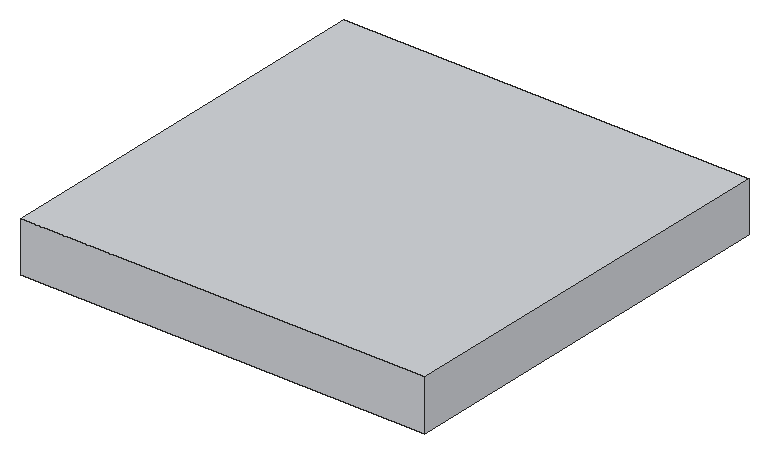
Revit family "00-8317-60-60", category Luminarias, Revit 2019
Family settings
  Anfitrión = Cara
  Cota de conector redondo = Diámetro de uso
  Tipo de pieza = Normal
  Número OmniClass = 23.80.70.00
  Título OmniClass = Lighting
  Corte con vacíos al cargar = No
  Origen de luz = No
  Compartido = Sí
  Punto de cálculo de habitación = No
Parameters (values of type "00-8317-60-60")
  Versión = "v1"
  Vatios (W) = 16.8
  Tipo de regulación = "0-10V / 1-10V / PUSH/ DALI"
  Tipo = "Pendant"
  Tender text (English) = "LEDS C4 Candle 5 Bodies Chandelier 00-8317-60-60  Pendant for indoor use.   For downlighting. Structure material: Steel, Aluminium. Structure finish: Black. Diffuser material: Methacrylate. Diffuser finish: Transparent. Warranty: 5 Years.  Product net weight (Kg): 2.6 Product width or diameter (mm): 220 Product height (mm): 350-3000  Class 1. IP: IP20. LED. No. of lampholders or LEDs: 1. LED brand: CREE. Driver brand: TCI. Maximum power of light source: 15.6W. Colour temperature: 2700K. Colour rendering index: 90. MacAdam Steps: 2. Hours of life: 50.000h L80B20. UGR: 22.4. Photobiological risk: RG1. % de Flickering: &lt;5%. Real flux (lm): 844. Real lm/W: 50. Voltage / frequency range: 99-264/50-60Hz. Voltage: 9. Equipment included: Yes. Total power: 16.8. Power factor: 0.96. Dimmable equipment included: 0-10V / 1-10V / PUSH/ DALI."
  Tender text (Castellano) = "LEDS C4 Candle 5 Bodies Chandelier 00-8317-60-60  Pendant for indoor use.   For downlighting. Structure material: Steel, Aluminium. Structure finish: Black. Diffuser material: Methacrylate. Diffuser finish: Transparent. Warranty: 5 Years.  Product net weight (Kg): 2.6 Product width or diameter (mm): 220 Product height (mm): 350-3000  Class 1. IP: IP20. LED. No. of lampholders or LEDs: 1. LED brand: CREE. Driver brand: TCI. Maximum power of light source: 15.6W. Colour temperature: 2700K. Colour rendering index: 90. MacAdam Steps: 2. Hours of life: 50.000h L80B20. UGR: 22.4. Photobiological risk: RG1. % de Flickering: &lt;5%. Real flux (lm): 844. Real lm/W: 50. Voltage / frequency range: 99-264/50-60Hz. Voltage: 9. Equipment included: Yes. Total power: 16.8. Power factor: 0.96. Dimmable equipment included: 0-10V / 1-10V / PUSH/ DALI."
  Temperatura color led (K) = "LED warm-white 2700K"
  Referencia = "00-8317-60-60"
  Rayo de luz = ""
  Producto descatalogado = "Catalogado EN"
  Pluma comercial = ""
  Peso neto (KG) = 2.6
  Material = "Steel, Aluminium, Methacrylate"
  Lumenes reales (lm) = 844
  LDT = "https://files.leds-c4.com/ldt/00-8317-60-60.html"
  Imagen web = "https://files.leds-c4.com/main-photo/00-8317-60-60"
  IfcExportType = "NOTDEFINED"
  IfcExportAs = "IfcLightFixture\r\nIfcLightFixture"
  IP = "IP20"
  IMC = "https://files.leds-c4.com/imc/00-8317-60-60.html"
  IK = ""
  Fuente de luz = ""
  Fotometría = "https://files.leds-c4.com/fm/00-8317-60-60.html"
  Ficha = "https://files.leds-c4.com/ft/en/00-8317-60-60.html"
  FechaVersion = "Creada: 23/12/2022"
  Familia = "Candle 5 Bodies Chandelier"
  Fabricante = "LEDS C4"  # constant formula
  Etiqueta V/f = "100-240V/50-60Hz"
  Elevación por defecto = 1000 mm
  Eficiencia energética = "F"
  EAN13 = "8435575369344"
  DescripcionUniformat2010 = "Lighting"
  DescripcionUniclass2015 = "Lighting"
  DescripcionOmniclass = "Lighting"
  DescripcionGubimclass = "Iluminación interior"
  CodigoUniformat2010 = "D5040"
  CodigoUniclass2015 = "EF_70_80"
  CodigoOmniclass = "21-04 50 40"
  CodigoGubimclass = "50.60.50.20"
  Catálogo = "Decorative"
  Carga aparente = 0 VA
  CRI = 90
  Acabado = "Black, Transparent"
Reference planes
  plane 1 "Centro (Frontal/Posterior)": y = 0
  plane 2: z = 0
  plane 3 "Centro (Izquierda/Derecha)": x = 0
  plane 4 "Elevación de origen de luz": z = 0
  plane 5 "Eje de origen de luz (F/P)": y = 0
  plane 6 "Eje de origen de luz (I/D)": x = 0
Forms (mm)
  Extrusion 1, solid
    sketch origin (0, 0, 0) x (1, 0, 0) y (0, 1, 0)
      loop
        line (-1219.2, 1219.2) -> (-1219.2, -1219.2) -> (1219.2, -1219.2) -> (1219.2, 1219.2) -> (-1219.2, 1219.2)
    from 0 to -304.8
Dimensions and locks
  aligned and locked: plane 2 to Extrusion 1
  aligned and locked: level to Extrusion 1
Connectors
  electrical at (0, 0, 0)
    settings: on Extrusion 1, index 1, voltage 0 V, apparent load 0 VA, apparent load phase1 0 VA, apparent load phase2 0 VA, apparent load phase3 0 VA, power factor 1, load classification "Otro", number of poles 1, system type 31, power factor state 1, is connector primary yes, connector utility no, sub classification motor no, connector description ""
